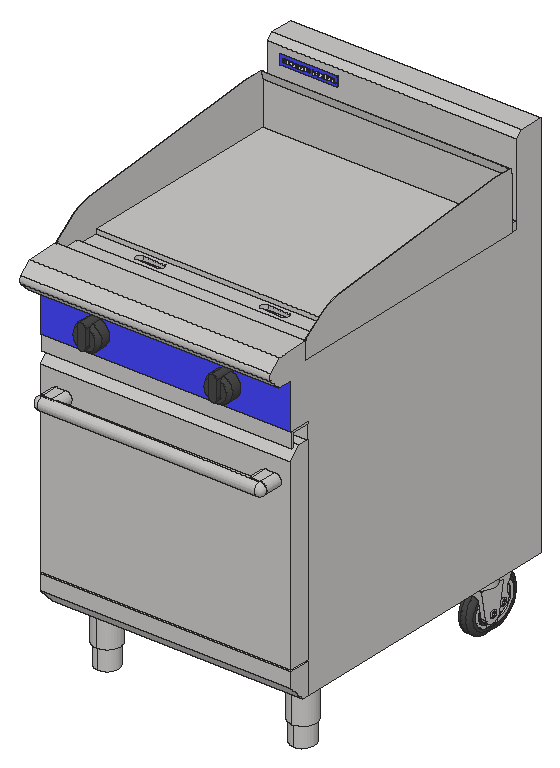
Revit family "QF_MOFFAT_BLUESEAL_CE_G504B", category Specialty Equipment, Revit 2012
Parameters
  Weight in Pounds = 346
  URL Cutsheet = "www.moffat.com"
  URL = "www.moffat.com"
  Type Mark [instance] = ""
  Status [instance] = ""
  Specification by User [instance] = ""
  Specification by Manufacturer = ""
  Show Logo [instance] = yes
  Show Clearance [instance] = yes
  Show Casters [instance] = yes
  Serial Number = ""
  Seismic Rating = ""
  SMACNA No = ""
  Revision Code [instance] = ""
  Omniclass Number and Title = ""
  NAFEM Spec ID Number = ""
  Model = "G504B"
  Mechanical Remarks [instance] = ""
  Mechanical Connection Type [instance] = ""
  Masterspec = ""
  Manufacturer = "MOFFAT BLUESEAL"
  Legs [instance] = not(Show Casters)  # no
  Item Number [instance] = ""
  Installed By [instance] = ""
  Identify Quantity as Lot [instance] = yes
  Gas Size = 3/4"
  Gas RI Height [instance] = 0 mm
  Gas KW = 18.6
  Gas Input [instance] = 63000.0 Btu/h
  Gas Connection Height = 0 mm
  Furnished By [instance] = ""
  Foodservice Equipment Identifier [instance] = yes
  Description = "600MM GAS RANGE WITH STATIC OVEN"
  CSI MasterFormat = ""
  CSI Master Format = ""
Reference planes
  plane 1 "BACK": y = 0
  plane 2: z = 0
  plane 3 "LEFT": x = 0
  plane 4 "RIGHT": x = 600
  plane 5 "FRONT": y = -812
  plane 6 "TOP": z = 970
  plane 7 "Center Y": x = 300
  plane 8 "Center X": y = -406
  plane 9: x = 65
  plane 10: x = 535
  plane 11: y = -100
  plane 12 "Base Height": z = 150
  plane 13: x = 470
  plane 14: z = 1085
Forms (mm)
  Extrusion 1, solid, material "QF_Finishes_Stainless Steel"
    sketch origin (0, 0, 0) x (0, 1, 0) y (0, 0, 1)
      loop
        line (-784.97, 850) -> (-749, 850) -> (-749, 740) -> (-699, 740) -> (-699, 150) -> (0, 150) -> (0, 1085) -> (-57.5, 1085) -> (-70, 1072.5) -> (-70, 875) -> (-705, 875) -> (-705, 915) -> (-783.97, 915) -> (-808.525, 890.445)
        arc (-808.525, 890.445) -> (-812.023, 882) -> (-808.525, 873.555) r 11.943
        line (-808.525, 873.555) -> (-784.97, 850)
    from 0 to 600
  Extrusion 2, solid, material "QF_Finishes_Stainless Steel"
    sketch origin (405.062, 3, 100) x (1, 0, 0) y (0, 1, 0)
      loop
        circle (65, -35) r 13.5
    from 555 to 640
  Revolve 3, solid, material "QF_Finishes_Stainless Steel"
    sketch origin (65, -735, 0) x (0, 1, 0) y (0, 0, 1)
      loop
        line (71.25, 150) -> (71.25, 50) -> (75.5, 50) -> (75.5, 0) -> (103, 0) -> (103, 150) -> (71.25, 150)
      axis (103, 150) -> (103, 0)
    angle from 0 to 360
  Revolve 4, solid, material "QF_Finishes_Stainless Steel"
    sketch origin (535, -735, 0) x (0, 1, 0) y (0, 0, -1)
      loop
        line (71.25, -150) -> (103, -150) -> (103, 0) -> (75.5, 0) -> (75.5, -50) -> (71.25, -50) -> (71.25, -150)
      axis (103, -150) -> (103, 0)
    angle from 0 to 360
  Revolve 5, solid, material "QF_Finishes_Black"
    sketch origin (138.75, 7, 759.75) x (0, -1, 0) y (0, 0, 1)
      loop
        line (789, 69.605) -> (766, 69.605) -> (766, 42.105) -> (756, 42.105) -> (756, 37.105) -> (800, 37.105) -> (800, 63.757) -> (789, 69.605)
      axis (800, 37.105) -> (756, 37.105)
    angle from 0 to 360
  Extrusion 6, solid, material "QF_Finishes_Black"
    sketch origin (0.319, 7, 655.753) x (1, 0, 0) y (0, 0, 1)
      loop
        line (148.431, 129) -> (148.431, 167.997)
        arc (148.431, 167.997) -> (138.431, 177.997) -> (128.431, 167.997) r 10
        line (128.431, 167.997) -> (128.431, 129)
        arc (128.431, 129) -> (138.431, 119) -> (148.431, 129) r 10
    from 759 to 808
  Revolve 7, solid, material "QF_Finishes_Black"
    sketch origin (453.749, 7, 759.623) x (0, 1, 0) y (0, 0, -1)
      loop
        line (-789, -69.5) -> (-766, -69.5) -> (-766, -42) -> (-756, -42) -> (-756, -37) -> (-800, -37) -> (-800, -63.651) -> (-789, -69.5)
      axis (-800, -37) -> (-756, -37)
    angle from 0 to 360
  Extrusion 8, solid, material "QF_Finishes_Black"
    sketch origin (592.019, 7, 759.781) x (-1, 0, 0) y (0, 0, -1)
      loop
        arc (148.269, -24.969) -> (138.269, -14.969) -> (128.269, -24.969) r 10
        line (128.269, -24.969) -> (128.269, -63.969)
        arc (128.269, -63.969) -> (138.269, -73.969) -> (148.269, -63.969) r 10
        line (148.269, -63.969) -> (148.269, -24.969)
    from 759 to 808
  Extrusion 9, solid, material "QF_Door-Drawer Clearances", visible <- "Show Clearance", detail levels coarse
    sketch origin (0, 7, 0) x (0, -1, 0) y (0, 0, 1)
      loop
        line (756, 690.016) -> (756, 227.5) -> (1218.516, 227.5)
        arc (1218.516, 227.5) -> (1083.048, 554.548) -> (756, 690.016) r 462.516
    from 0 to -600
  Extrusion 10, void
    sketch origin (0, 0, 150) x (-1, 0, 0) y (0, -1, 0)
      loop
        line (-531.028, 89.21) -> (-531.028, -28.29) -> (-401.528, -28.29) -> (-401.528, 40.71) -> (-450.028, 89.21) -> (-531.028, 89.21)
    from 72.5 to 590
  Extrusion 11, solid, material "QF_Finishes_Stainless Steel"
    sketch origin (0, -749, 227.5) x (0, 0, 1) y (-1, 0, 0)
      loop
        line (380.625, -38.246) -> (380.625, -58.528)
        arc (380.625, -58.528) -> (395.625, -73.528) -> (410.625, -58.528) r 15
        line (410.625, -58.528) -> (410.625, -38.246)
        arc (410.625, -38.246) -> (395.625, -23.246) -> (380.625, -38.246) r 15
      loop
        arc (380.625, -560.539) -> (395.625, -575.539) -> (410.625, -560.539) r 15
        line (410.625, -560.539) -> (410.625, -540.257)
        arc (410.625, -540.257) -> (395.625, -525.257) -> (380.625, -540.257) r 15
        line (380.625, -540.257) -> (380.625, -560.539)
    from 0 to 44
  Revolve 12, solid, material "QF_Finishes_Stainless Steel"
    sketch origin (0, -793, 0) x (1, 0, 0) y (0, 0, 1)
      loop
        arc (575.539, 623.125) -> (571.146, 633.732) -> (560.539, 638.125) r 15
        line (560.539, 638.125) -> (38.246, 638.125)
        arc (38.246, 638.125) -> (27.64, 633.732) -> (23.246, 623.125) r 15
        line (23.246, 623.125) -> (575.539, 623.125)
      axis (575.539, 623.125) -> (23.246, 623.125)
    angle from 0 to 360
  Extrusion 13, solid, material "QF_Finishes_Stainless Steel"
    sketch origin (0, 9, 0) x (0, 1, 0) y (0, 0, 1)
      loop
        line (-708, 227.5) -> (-708, 700) -> (-734, 700) -> (-758, 676) -> (-758, 227.5) -> (-708, 227.5)
    from 0 to 600
  Extrusion 14, solid, material "QF_Finishes_Stainless Steel"
    sketch origin (0, 9, 0) x (0, 1, 0) y (0, 0, 1)
      loop
        line (-756, 738) -> (-756, 703) -> (-752.98, 703) -> (-752.98, 735) -> (-708, 735) -> (-708, 738) -> (-756, 738)
    from 0 to 600
  Extrusion 15, solid, material "QF_Finishes_Stainless Steel"
    sketch origin (0, 9, 0) x (0, 1, 0) y (0, 0, 1)
      loop
        line (-708, 222.5) -> (-758, 222.5) -> (-758, 186) -> (-722, 150) -> (-708, 150) -> (-708, 222.5)
    from 0 to 600
  Extrusion 16, solid, material "QF_Finishes_Stainless Steel", visible <- "Show Casters"
    sketch origin (71.501, 133.353, -8.783) x (0, 1, 0) y (0, 0, 1)
      loop
        line (-201.603, 118.783) -> (-265.103, 118.783) -> (-252.746, 53.895)
        arc (-252.746, 53.895) -> (-233.353, 38.783) -> (-213.959, 53.895) r 20
        line (-213.959, 53.895) -> (-201.603, 118.783)
    from -35.667 to 22.923
  Revolve 17, solid, material "QF_Finishes_Stainless Steel", visible <- "Show Casters"
    sketch origin (65, -203, 0) x (0, 1, 0) y (0, 0, 1)
      loop
        line (67.25, 150) -> (67.25, 110) -> (103, 110) -> (103, 150) -> (67.25, 150)
      axis (103, 150) -> (103, 110)
    angle from 0 to 360
  Revolve 18, solid, material "QF_Finishes_Stainless Steel", visible <- "Show Casters"
    sketch origin (535, -203, 0) x (0, 1, 0) y (0, 0, -1)
      loop
        line (67.25, -150) -> (103, -150) -> (103, -110) -> (67.25, -110) -> (67.25, -150)
      axis (103, -150) -> (103, -110)
    angle from 0 to 360
  Revolve 19, solid, material "QF_Finishes_Stainless Steel", visible <- "Show Casters"
    sketch origin (485.776, -99.755, -13.653) x (1, 0, 0) y (0, 0, 1)
      loop
        line (14.841, 64.453) -> (83.584, 64.453) -> (83.584, 67.958) -> (82.314, 69.228) -> (80.79, 69.228) -> (80.79, 72.674) -> (68.644, 72.674) -> (68.644, 82.639) -> (65.088, 84.692) -> (63.738, 93.028) -> (65.881, 93.028) -> (65.881, 99.378) -> (65.088, 99.378) -> (65.088, 105.728)
        arc (65.088, 105.728) -> (62.298, 112.463) -> (55.563, 115.253) r 9.525
        line (55.563, 115.253) -> (42.863, 115.253)
        arc (42.863, 115.253) -> (36.127, 112.463) -> (33.338, 105.728) r 9.525
        line (33.338, 105.728) -> (33.338, 99.378) -> (32.544, 99.378) -> (32.544, 93.028) -> (34.687, 93.028) -> (33.352, 84.781) -> (29.782, 82.719) -> (29.782, 72.674) -> (17.635, 72.674) -> (17.635, 69.228) -> (16.111, 69.228) -> (14.841, 67.958) -> (14.841, 64.453)
      axis (14.841, 64.453) -> (83.584, 64.453)
    angle from 0 to 360
  Extrusion 20, solid, material "QF_Finishes_Stainless Steel", visible <- "Show Casters"
    sketch origin (541.501, 133.353, -8.783) x (0, 1, 0) y (0, 0, 1)
      loop
        line (-201.603, 118.783) -> (-265.103, 118.783) -> (-252.746, 53.895)
        arc (-252.746, 53.895) -> (-233.353, 38.783) -> (-213.959, 53.895) r 20
        line (-213.959, 53.895) -> (-201.603, 118.783)
    from -35.667 to 22.923
  Revolve 21, solid, material "QF_Finishes_Stainless Steel", visible <- "Legs"
    sketch origin (65, -165, 0) x (0, 1, 0) y (0, 0, 1)
      loop
        line (33.25, 150) -> (33.25, 50) -> (37.5, 50) -> (37.5, 0) -> (65, 0) -> (65, 150) -> (33.25, 150)
      axis (65, 150) -> (65, 0)
    angle from 0 to 360
  Revolve 22, solid, material "QF_Finishes_Stainless Steel", visible <- "Legs"
    sketch origin (535, -165, 0) x (0, 1, 0) y (0, 0, -1)
      loop
        line (33.25, -150) -> (65, -150) -> (65, 0) -> (37.5, 0) -> (37.5, -50) -> (33.25, -50) -> (33.25, -150)
      axis (65, -150) -> (65, 0)
    angle from 0 to 360
  Revolve 23, solid, material "QF_Finishes_Stainless Steel", visible <- "Show Casters"
    sketch origin (114.224, -99.755, -13.653) x (-1, 0, 0) y (0, 0, -1)
      loop
        line (14.841, -64.453) -> (14.841, -67.958) -> (16.111, -69.228) -> (17.635, -69.228) -> (17.635, -72.674) -> (29.782, -72.674) -> (29.782, -82.719) -> (33.352, -84.781) -> (34.687, -93.028) -> (32.544, -93.028) -> (32.544, -99.378) -> (33.338, -99.378) -> (33.338, -105.728)
        arc (33.338, -105.728) -> (36.127, -112.463) -> (42.863, -115.253) r 9.525
        line (42.863, -115.253) -> (55.563, -115.253)
        arc (55.563, -115.253) -> (62.298, -112.463) -> (65.088, -105.728) r 9.525
        line (65.088, -105.728) -> (65.088, -99.378) -> (65.881, -99.378) -> (65.881, -93.028) -> (63.738, -93.028) -> (65.088, -84.692) -> (68.644, -82.639) -> (68.644, -72.674) -> (80.79, -72.674) -> (80.79, -69.228) -> (82.314, -69.228) -> (83.584, -67.958) -> (83.584, -64.453) -> (14.841, -64.453)
      axis (14.841, -64.453) -> (83.584, -64.453)
    angle from 0 to 360
Cuts and joins
  Extrusion 10 cuts Extrusion 1
Lines and regions (mm)
  Split face 1
    outline origin (600, 0, 1085) x (-1, 0, 0) y (0, -1, 0)
      loop
        arc (335.206, 45.385) -> (326.545, 40.385) -> (326.545, 30.385) r 10
        line (326.545, 30.385) -> (330.587, 23.385)
        arc (330.587, 23.385) -> (334.247, 19.725) -> (339.247, 18.385) r 10
        line (339.247, 18.385) -> (567.206, 18.385)
        arc (567.206, 18.385) -> (575.866, 23.385) -> (575.866, 33.385) r 10
        line (575.866, 33.385) -> (571.824, 40.385)
        arc (571.824, 40.385) -> (568.164, 44.045) -> (563.164, 45.385) r 10
        line (563.164, 45.385) -> (335.206, 45.385)
  Split face 2
    outline origin (600, 0, 1085) x (-1, 0, 0) y (0, -1, 0)
      loop
        arc (35.206, 45.385) -> (26.545, 40.385) -> (26.545, 30.385) r 10
        line (26.545, 30.385) -> (30.587, 23.385)
        arc (30.587, 23.385) -> (34.247, 19.725) -> (39.247, 18.385) r 10
        line (39.247, 18.385) -> (267.206, 18.385)
        arc (267.206, 18.385) -> (275.866, 23.385) -> (275.866, 33.385) r 10
        line (275.866, 33.385) -> (271.824, 40.385)
        arc (271.824, 40.385) -> (268.164, 44.045) -> (263.164, 45.385) r 10
        line (263.164, 45.385) -> (35.206, 45.385)
  symbolic lines
    curve 1: line (0, 0, 0) -> (0, -812, 0)
    curve 2: line (600, 0, 0) -> (0, 0, 0)
    curve 3: line (600, -812, 0) -> (600, 0, 0)
    curve 4: line (0, -812, 0) -> (600, -812, 0)
    curve 5: line (600, -705, 0) -> (0, -705, 0)
    curve 6: line (0, -70, 0) -> (600, -70, 0)
    curve 7: line (0, 0, 0) -> (0, -812, 0)
    curve 8: line (600, 0, 0) -> (0, 0, 0)
    curve 9: line (600, -812, 0) -> (600, 0, 0)
    curve 13: line (32.794, -18.385, 150) -> (260.753, -18.385, 150)
    curve 14: arc (260.753, -18.385, 150) -> (265.753, -19.725, 150) -> (269.413, -23.385, 150) r 10
    curve 15: line (269.413, -23.385, 150) -> (273.455, -30.385, 150)
    curve 16: arc (273.455, -30.385, 150) -> (273.455, -40.385, 150) -> (264.794, -45.385, 150) r 10
    curve 17: line (264.794, -45.385, 150) -> (36.836, -45.385, 150)
    curve 18: arc (36.836, -45.385, 150) -> (31.836, -44.045, 150) -> (28.176, -40.385, 150) r 10
    curve 19: line (28.176, -40.385, 150) -> (24.134, -33.385, 150)
    curve 20: arc (24.134, -33.385, 150) -> (24.134, -23.385, 150) -> (32.794, -18.385, 150) r 10
    curve 21: line (560.753, -18.385, 150) -> (332.794, -18.385, 150)
    curve 22: arc (332.794, -18.385, 150) -> (324.134, -23.385, 150) -> (324.134, -33.385, 150) r 10
    curve 23: line (324.134, -33.385, 150) -> (328.176, -40.385, 150)
    curve 24: arc (328.176, -40.385, 150) -> (331.836, -44.045, 150) -> (336.836, -45.385, 150) r 10
    curve 25: line (336.836, -45.385, 150) -> (564.794, -45.385, 150)
    curve 26: arc (564.794, -45.385, 150) -> (573.455, -40.385, 150) -> (573.455, -30.385, 150) r 10
    curve 27: line (573.455, -30.385, 150) -> (569.413, -23.385, 150)
    curve 28: arc (569.413, -23.385, 150) -> (565.753, -19.725, 150) -> (560.753, -18.385, 150) r 10
    curve 29: line (0, -57.5, 150) -> (600, -57.5, 150)
    curve 30: line (0, -783.97, 150) -> (600, -783.97, 150)
  symbolic lines, style "QF_Door-Drawer Clearances", visible <- "Show Clearance"
    curve 10: line (0, -812, 0) -> (0, -1211.516, 0)
    curve 11: line (0, -1211.516, 0) -> (600, -1211.516, 0)
    curve 12: line (600, -1211.516, 0) -> (600, -812, 0)
Dimensions and locks
  equal spacing: plane 3 "LEFT", plane 7 "Center Y", plane 4 "RIGHT"
  plane 3 "LEFT" to plane 4 "RIGHT" = 600 mm
  equal spacing: plane 5 "FRONT", plane 8 "Center X", plane 1 "BACK"
  plane 5 "FRONT" to plane 1 "BACK" = 812 mm  (x2)
  equal spacing: plane 4 "RIGHT", plane 7 "Center Y", plane 3 "LEFT"
  plane 4 "RIGHT" to plane 3 "LEFT" = 600 mm
  plane 6 "TOP" to level = 970 mm  (x2)
  Extrusion 2 to level = 655 mm
  Extrusion 2 to plane 1 "BACK" = 32 mm
  Extrusion 1 to level = 915 mm
  plane 12 "Base Height" to level = 150 mm
  plane 6 "TOP" to plane 2 = 970 mm
  locked: plane 2 to Extrusion 1 sketch curve at 875
  locked: plane 2 to Extrusion 1 sketch curve at 915
  Revolve 19 sketch curve to Revolve 19 sketch curve = 50.8 mm
  Revolve 23 sketch curve to Revolve 23 sketch curve = 50.8 mm
  plane 14 to level = 1085 mm
  aligned and locked: level to plane 2
  aligned and locked: curve 3 to plane 4 "RIGHT"
Automatic sketch dimensions
  plane 13 to Extrusion 2 sketch curve = 0.062 mm
  plane 1 "BACK" to Extrusion 2 sketch curve = 32 mm
  Revolve 3 sketch curve to plane 12 "Base Height" = 0 mm
  Revolve 3 sketch curve to level = 0 mm
  level to Revolve 3 sketch curve = 50 mm
  Revolve 3 sketch curve to plane 5 "FRONT" = 148.25 mm
  Revolve 3 sketch curve to Revolve 3 sketch curve = 4.25 mm
  Revolve 3 sketch curve to Revolve 3 sketch curve = 27.5 mm  (x2)
  Revolve 3 sketch curve to Revolve 3 sketch curve = 55 mm
  Revolve 3 sketch curve to Revolve 3 sketch curve = 0 mm
  Revolve 4 sketch curve to plane 12 "Base Height" = 0 mm
  Revolve 4 sketch curve to level = 0 mm
  level to Revolve 4 sketch curve = 50 mm
  Revolve 4 sketch curve to plane 5 "FRONT" = 148.25 mm
  Revolve 4 sketch curve to Revolve 4 sketch curve = 4.25 mm
  Revolve 4 sketch curve to Revolve 4 sketch curve = 27.5 mm  (x2)
  Revolve 4 sketch curve to Revolve 4 sketch curve = 0 mm
  Revolve 4 sketch curve to Revolve 4 sketch curve = 55 mm
  Revolve 5 sketch curve to plane 5 "FRONT" = 63 mm
  Revolve 5 sketch curve to Revolve 5 sketch curve = 10 mm
  Revolve 5 sketch curve to Revolve 5 sketch curve = 21.3 mm
  Revolve 5 sketch curve to Revolve 5 sketch curve = 23 mm
  Revolve 5 sketch curve to plane 5 "FRONT" = 19 mm
  Revolve 5 sketch curve to Revolve 5 sketch curve = 0 mm  (x2)
  Revolve 5 sketch curve to plane 6 "TOP" = 173.145 mm
  Revolve 5 sketch curve to Revolve 5 sketch curve = 5 mm
  Revolve 5 sketch curve to Revolve 5 sketch curve = 26.651 mm
  Revolve 5 sketch curve to Revolve 5 sketch curve = 5.849 mm
  Extrusion 6 sketch curve to plane 7 "Center Y" = 171.25 mm
  Extrusion 6 sketch curve to Extrusion 6 sketch curve = 10 mm
  Extrusion 6 sketch curve to plane 6 "TOP" = 185.247 mm
  Extrusion 6 sketch curve to Extrusion 6 sketch curve = 38.997 mm
  Revolve 7 sketch curve to plane 5 "FRONT" = 19 mm
  Revolve 7 sketch curve to Revolve 7 sketch curve = 0 mm  (x2)
  Revolve 7 sketch curve to Revolve 7 sketch curve = 11 mm
  Revolve 7 sketch curve to Revolve 7 sketch curve = 12.7 mm
  Revolve 7 sketch curve to Revolve 7 sketch curve = 23 mm
  Revolve 7 sketch curve to Revolve 7 sketch curve = 10 mm
  Revolve 7 sketch curve to plane 6 "TOP" = 140.877 mm
  Revolve 7 sketch curve to Revolve 7 sketch curve = 5.849 mm
  Revolve 7 sketch curve to Revolve 7 sketch curve = 27.5 mm
  Revolve 7 sketch curve to Revolve 7 sketch curve = 5 mm
  Extrusion 8 sketch curve to plane 13 = 6.25 mm
  Extrusion 8 sketch curve to Extrusion 8 sketch curve = 10 mm
  Extrusion 8 sketch curve to plane 6 "TOP" = 146.25 mm
  Extrusion 8 sketch curve to Extrusion 8 sketch curve = 39 mm
  Extrusion 9 sketch curve to plane 5 "FRONT" = 63 mm
  plane 12 "Base Height" to Extrusion 9 sketch curve = 77.5 mm
  plane 5 "FRONT" to Extrusion 9 sketch curve = 399.516 mm
  plane 10 to Extrusion 10 sketch curve = 3.972 mm
  Extrusion 10 sketch curve to plane 13 = 19.972 mm
  Extrusion 10 sketch curve to plane 13 = 68.472 mm
  Extrusion 10 sketch curve to plane 1 "BACK" = 28.29 mm
  plane 1 "BACK" to Extrusion 10 sketch curve = 40.71 mm
  plane 11 to Extrusion 10 sketch curve = 10.79 mm
  Extrusion 11 sketch curve to plane 9 = 6.472 mm
  Extrusion 11 sketch curve to plane 6 "TOP" = 361.875 mm  (x2)
  Extrusion 11 sketch curve to plane 10 = 5.257 mm
  Extrusion 11 sketch curve to Extrusion 11 sketch curve = 15 mm  (x2)
  Extrusion 11 sketch curve to Extrusion 11 sketch curve = 20.282 mm  (x2)
  Revolve 12 sketch curve to plane 3 "LEFT" = 6.961 mm
  plane 3 "LEFT" to Revolve 12 sketch curve = 23.246 mm
  Revolve 12 sketch curve to Revolve 12 sketch curve = 15 mm
  Revolve 12 sketch curve to plane 10 = 25.539 mm
  plane 4 "RIGHT" to Revolve 12 sketch curve = 11.961 mm
  Revolve 12 sketch curve to plane 6 "TOP" = 346.875 mm
  Revolve 12 sketch curve to Revolve 12 sketch curve = 0 mm
  Extrusion 14 sketch curve to plane 5 "FRONT" = 65 mm
  Extrusion 14 sketch curve to Extrusion 14 sketch curve = 3.02 mm
  Extrusion 14 sketch curve to Extrusion 14 sketch curve = 44.98 mm
  Extrusion 14 sketch curve to plane 6 "TOP" = 267 mm
  Extrusion 14 sketch curve to Extrusion 14 sketch curve = 32 mm
  Extrusion 14 sketch curve to Extrusion 14 sketch curve = 3 mm
  Extrusion 15 sketch curve to plane 12 "Base Height" = 0 mm
  Extrusion 15 sketch curve to plane 5 "FRONT" = 63 mm
  plane 12 "Base Height" to Extrusion 13 sketch curve = 77.5 mm
  Extrusion 16 sketch curve to plane 11 = 0 mm
  Extrusion 16 sketch curve to plane 11 = 19.393 mm
  Extrusion 16 sketch curve to plane 11 = 31.75 mm
  plane 11 to Extrusion 16 sketch curve = 19.393 mm
  plane 11 to Extrusion 16 sketch curve = 31.75 mm
  level to Extrusion 16 sketch curve = 45.111 mm
  Extrusion 16 sketch curve to Extrusion 16 sketch curve = 4.889 mm
  Extrusion 16 sketch curve to plane 12 "Base Height" = 40 mm
  Revolve 17 sketch curve to plane 12 "Base Height" = 0 mm
  Revolve 17 sketch curve to plane 11 = 0 mm  (x2)
  Revolve 17 sketch curve to Revolve 17 sketch curve = 35.75 mm
  Revolve 17 sketch curve to plane 12 "Base Height" = 40 mm
  level to Revolve 17 sketch curve = 50 mm
  Revolve 17 sketch curve to level = 55 mm
  Revolve 18 sketch curve to plane 12 "Base Height" = 0 mm
  Revolve 18 sketch curve to plane 11 = 0 mm  (x2)
  Revolve 18 sketch curve to plane 11 = 35.75 mm
  Revolve 18 sketch curve to plane 12 "Base Height" = 40 mm
  level to Revolve 18 sketch curve = 50 mm
  Revolve 18 sketch curve to level = 55 mm
  level to Revolve 19 sketch curve = 50.8 mm
  plane 4 "RIGHT" to Revolve 19 sketch curve = 99.382 mm
  Revolve 19 sketch curve to Revolve 19 sketch curve = 1.27 mm  (x4)
  Revolve 19 sketch curve to Revolve 19 sketch curve = 1.524 mm  (x2)
  Revolve 19 sketch curve to Revolve 19 sketch curve = 12.146 mm  (x2)
  Revolve 19 sketch curve to Revolve 19 sketch curve = 2.762 mm
  Revolve 19 sketch curve to Revolve 19 sketch curve = 0.794 mm  (x2)
  level to Revolve 19 sketch curve = 71.128 mm
  Revolve 19 sketch curve to Revolve 19 sketch curve = 3.57 mm
  Revolve 19 sketch curve to plane 12 "Base Height" = 70.625 mm  (x2)
  Revolve 19 sketch curve to Revolve 19 sketch curve = 2.143 mm
  Revolve 19 sketch curve to Revolve 19 sketch curve = 9.525 mm
  Revolve 19 sketch curve to Revolve 19 sketch curve = 24.572 mm
  Revolve 19 sketch curve to Revolve 19 sketch curve = 12.7 mm
  Revolve 19 sketch curve to Revolve 19 sketch curve = 8.176 mm
  Revolve 19 sketch curve to Revolve 19 sketch curve = 1.349 mm  (x2)
  level to Revolve 19 sketch curve = 71.039 mm
  Revolve 19 sketch curve to Revolve 19 sketch curve = 3.556 mm
  level to Revolve 19 sketch curve = 55.575 mm
  Revolve 19 sketch curve to Revolve 19 sketch curve = 33.32 mm
  Revolve 19 sketch curve to Revolve 19 sketch curve = 20.239 mm
  Revolve 19 sketch curve to Revolve 19 sketch curve = 3.505 mm
  Revolve 19 sketch curve to Revolve 19 sketch curve = 3.447 mm  (x2)
  Revolve 19 sketch curve to Revolve 19 sketch curve = 2.053 mm
  Revolve 19 sketch curve to Revolve 19 sketch curve = 2.061 mm
  Revolve 19 sketch curve to Revolve 19 sketch curve = 6.35 mm  (x2)
  Extrusion 20 sketch curve to plane 11 = 0 mm
  Extrusion 20 sketch curve to plane 11 = 19.393 mm
  Extrusion 20 sketch curve to plane 11 = 31.75 mm
  plane 11 to Extrusion 20 sketch curve = 19.393 mm
  plane 11 to Extrusion 20 sketch curve = 31.75 mm
  level to Extrusion 20 sketch curve = 45.111 mm
  Extrusion 20 sketch curve to Extrusion 20 sketch curve = 4.889 mm
  Extrusion 20 sketch curve to plane 12 "Base Height" = 40 mm
  Revolve 21 sketch curve to plane 12 "Base Height" = 0 mm
  Revolve 21 sketch curve to level = 0 mm
  Revolve 21 sketch curve to plane 11 = 0 mm  (x2)
  Revolve 21 sketch curve to Revolve 21 sketch curve = 27.5 mm
  Revolve 21 sketch curve to Revolve 21 sketch curve = 31.75 mm
  Revolve 21 sketch curve to level = 55 mm
  Revolve 21 sketch curve to Revolve 21 sketch curve = 50 mm
  Revolve 21 sketch curve to Revolve 21 sketch curve = 0 mm
  Revolve 22 sketch curve to plane 12 "Base Height" = 0 mm
  Revolve 22 sketch curve to level = 0 mm
  Revolve 22 sketch curve to plane 11 = 0 mm  (x2)
  Revolve 22 sketch curve to Revolve 22 sketch curve = 27.5 mm
  Revolve 22 sketch curve to Revolve 22 sketch curve = 31.75 mm
  level to Revolve 22 sketch curve = 50 mm
  Revolve 22 sketch curve to Revolve 22 sketch curve = 0 mm
  Revolve 22 sketch curve to Revolve 22 sketch curve = 55 mm
  plane 9 to Revolve 23 sketch curve = 34.382 mm
  Revolve 23 sketch curve to Revolve 23 sketch curve = 1.27 mm  (x4)
  Revolve 23 sketch curve to Revolve 23 sketch curve = 1.524 mm  (x2)
  Revolve 23 sketch curve to Revolve 23 sketch curve = 12.146 mm  (x2)
  plane 9 to Revolve 23 sketch curve = 16.68 mm
  Revolve 23 sketch curve to Revolve 23 sketch curve = 0.794 mm  (x2)
  Revolve 23 sketch curve to Revolve 23 sketch curve = 3.57 mm
  Revolve 23 sketch curve to Revolve 23 sketch curve = 2.143 mm
  plane 9 to Revolve 23 sketch curve = 6.361 mm
  Revolve 23 sketch curve to plane 9 = 5.13 mm
  Revolve 23 sketch curve to plane 9 = 6.339 mm
  Revolve 23 sketch curve to plane 9 = 14.515 mm
  Revolve 23 sketch curve to Revolve 23 sketch curve = 1.349 mm  (x2)
  Revolve 23 sketch curve to Revolve 23 sketch curve = 3.556 mm
  Revolve 23 sketch curve to plane 3 "LEFT" = 2.68 mm
  Revolve 23 sketch curve to plane 12 "Base Height" = 48.4 mm
  Revolve 23 sketch curve to Revolve 23 sketch curve = 6.35 mm  (x4)
  Revolve 23 sketch curve to Revolve 23 sketch curve = 8.247 mm
  Revolve 23 sketch curve to Revolve 23 sketch curve = 8.336 mm
  Revolve 23 sketch curve to Revolve 23 sketch curve = 2.061 mm
  Revolve 23 sketch curve to Revolve 23 sketch curve = 2.053 mm
  Revolve 23 sketch curve to Revolve 23 sketch curve = 10.045 mm
  Revolve 23 sketch curve to Revolve 23 sketch curve = 9.964 mm
  Revolve 23 sketch curve to Revolve 23 sketch curve = 3.447 mm  (x2)
  Revolve 23 sketch curve to Revolve 23 sketch curve = 3.505 mm
  Extrusion 1 sketch curve to plane 5 "FRONT" = 27.03 mm
  Extrusion 1 sketch curve to plane 12 "Base Height" = 0 mm
  Extrusion 1 sketch curve to plane 14 = 0 mm
  Extrusion 1 sketch curve to plane 1 "BACK" = 0 mm
  Extrusion 1 sketch curve to plane 5 "FRONT" = 3.475 mm  (x2)
  Extrusion 1 sketch curve to plane 5 "FRONT" = 11.921 mm
  Extrusion 1 sketch curve to plane 5 "FRONT" = 28.03 mm
  Extrusion 1 sketch curve to plane 5 "FRONT" = 63 mm
  Extrusion 1 sketch curve to Extrusion 1 sketch curve = 44 mm
  Extrusion 1 sketch curve to plane 5 "FRONT" = 113 mm
  plane 11 to Extrusion 1 sketch curve = 30 mm
  Extrusion 1 sketch curve to Extrusion 1 sketch curve = 12.5 mm
  Extrusion 1 sketch curve to Extrusion 1 sketch curve = 135 mm
  Extrusion 1 sketch curve to Extrusion 1 sketch curve = 25 mm
  Extrusion 1 sketch curve to Extrusion 1 sketch curve = 23.555 mm
  Extrusion 1 sketch curve to Extrusion 1 sketch curve = 8.445 mm
  Extrusion 1 sketch curve to plane 14 = 12.5 mm
  Extrusion 15 sketch curve to Extrusion 15 sketch curve = 36 mm
  Extrusion 15 sketch curve to Extrusion 15 sketch curve = 50 mm
  plane 12 "Base Height" to Extrusion 15 sketch curve = 36 mm
  Extrusion 15 sketch curve to Extrusion 15 sketch curve = 36.5 mm
  Extrusion 13 sketch curve to plane 5 "FRONT" = 63 mm
  Extrusion 13 sketch curve to Extrusion 13 sketch curve = 24 mm  (x2)
  Extrusion 13 sketch curve to Extrusion 13 sketch curve = 26 mm
  Extrusion 13 sketch curve to plane 6 "TOP" = 294 mm
  Split face 1 sketch curve to cut or joined group of Extrusion 1, Extrusion 10 = 27.115 mm
  Split face 1 sketch curve to cut or joined group of Extrusion 1, Extrusion 10 = 326.545 mm
  Split face 1 sketch curve to cut or joined group of Extrusion 1, Extrusion 10 = 23.385 mm
  Split face 1 sketch curve to Split face 1 sketch curve = 4.041 mm  (x4)
  Split face 1 sketch curve to Split face 1 sketch curve = 8.66 mm  (x2)
  Split face 1 sketch curve to cut or joined group of Extrusion 1, Extrusion 10 = 22.115 mm
  Split face 1 sketch curve to Split face 1 sketch curve = 223.917 mm
  Split face 1 sketch curve to cut or joined group of Extrusion 1, Extrusion 10 = 17.115 mm
  Split face 1 sketch curve to Split face 1 sketch curve = 17 mm
  Split face 1 sketch curve to Split face 1 sketch curve = 7 mm
  Split face 2 sketch curve to cut or joined group of Extrusion 1, Extrusion 10 = 27.115 mm
  Split face 2 sketch curve to cut or joined group of Extrusion 1, Extrusion 10 = 26.545 mm
  Split face 2 sketch curve to cut or joined group of Extrusion 1, Extrusion 10 = 23.385 mm
  Split face 2 sketch curve to Split face 2 sketch curve = 4.041 mm  (x4)
  Split face 2 sketch curve to Split face 2 sketch curve = 8.66 mm  (x2)
  Split face 2 sketch curve to cut or joined group of Extrusion 1, Extrusion 10 = 22.115 mm
  Split face 2 sketch curve to Split face 2 sketch curve = 223.917 mm
  Split face 2 sketch curve to cut or joined group of Extrusion 1, Extrusion 10 = 17.115 mm
  Split face 2 sketch curve to Split face 2 sketch curve = 17 mm
  Split face 2 sketch curve to Split face 2 sketch curve = 7 mm
  curve 15 to plane 7 "Center Y" = 26.545 mm
  curve 15 to curve 15 = 4.041 mm
  curve 15 to curve 16 = 8.66 mm
  curve 16 to curve 14 = 4.041 mm
  curve 17 to plane 9 = 28.164 mm
  curve 18 to curve 13 = 4.041 mm
  curve 17 to curve 18 = 8.66 mm
  curve 19 to curve 20 = 4.041 mm
  plane 1 "BACK" to curve 17 = 45.385 mm
  curve 19 to curve 17 = 5 mm
  curve 16 to curve 17 = 10 mm
  curve 20 to curve 19 = 7 mm
  curve 20 to curve 18 = 7 mm
  curve 14 to curve 16 = 7 mm
  curve 21 to plane 10 = 25.753 mm
  curve 25 to curve 28 = 4.041 mm
  curve 28 to curve 28 = 8.66 mm
  curve 26 to curve 28 = 4.041 mm
  plane 7 "Center Y" to curve 25 = 36.836 mm
  curve 24 to curve 21 = 4.041 mm
  curve 25 to curve 24 = 8.66 mm
  curve 23 to curve 23 = 4.041 mm
  plane 1 "BACK" to curve 28 = 18.385 mm
  curve 28 to curve 28 = 5 mm
  curve 21 to curve 22 = 10 mm
  curve 28 to curve 27 = 7 mm
  curve 28 to curve 26 = 7 mm
  curve 22 to curve 24 = 7 mm
  plane 1 "BACK" to curve 1 = 0 mm
  curve 1 to plane 3 "LEFT" = 0 mm
  plane 5 "FRONT" to curve 10 = 0 mm
  curve 11 to curve 3 = 399.516 mm
  plane 11 to curve 6 = 30 mm
  curve 5 to plane 5 "FRONT" = 107 mm
  radius of Extrusion 2 sketch curve = 13.5 mm
Nested families
  nested 1: "RNL8400G-CB-CASTERS" at (65, -100, 0), Show Casters <- "Show Casters", visible <- "Show Casters", type "RNL8400G-CB-CASTERS"
    with Type Mark "", Status "", Specification by User "", Show Casters yes, Revision Code "", Item Number "", Installed By "", Identify Quantity as Lot yes, Furnished By "", Foodservice Equipment Identifier yes
  nested 2: "RNL8400G-CB-CASTERS" at (535, -100, 0), Show Casters <- "Show Casters", visible <- "Show Casters", type "RNL8400G-CB-CASTERS"
    with Type Mark "", Status "", Specification by User "", Show Casters yes, Revision Code "", Item Number "", Installed By "", Identify Quantity as Lot yes, Furnished By "", Foodservice Equipment Identifier yes
  nested 3: "WALDORF LOGO_FACE BASE" at (32, -70, 1055.359) x (1, 0, 0) z (0, -1, 0), visible <- "Show Logo", type "WALDORF LOGO_FACE BASE", detail levels medium+fine
    with Show Logo yes
  nested 4: "GAS GRIDDLE PLATE 600" at (0, -85, 874.5), type "GAS GRIDDLE PLATE 600"
    with Width 600 mm, Type Mark "", Status "", Specification by User "", Revision Code "", Item Number "", Installed By "", Identify Quantity as Lot yes, Furnished By "", Foodservice Equipment Identifier yes, Depth 620 mm
Connectors
  piping at (470.063, -32, 655)
    settings: on Extrusion 2, index 1, connector radius 0.37402", flow factor 0, pipe flow 0 GPM, pressure drop 0.00 psi, fitting loss kfactor 0, connector angle 0.00°, fixture units 0, engagement length 0 mm, flow configuration 1, flow direction 1, fitting loss method 0, system type 7, joint type 0, gender type 0, connector reference index -1, connector utility 0, adjustable connector no, is connector primary yes, fitting loss table "", connector description "GAS CONNECTION"
Definition of nested family "RNL8400G-CB-CASTERS"
  Parameters (values of type "BTL8450-CB-CASTERS")
    Weight = ""
    URL Manufacturer = ""
    URL Cutsheet = ""
    URL = ""
    Type Mark [instance] = ""
    Status [instance] = ""
    Specification by User [instance] = ""
    Specification by Manufacturer = ""
    Show Casters [instance] = no
    Serial Number = ""
    Seismic Rating = ""
    SMACNA No = ""
    Revision Code [instance] = ""
    Omniclass Number and Title = ""
    NAFEM Spec ID Number = ""
    Model = ""
    MasterSpec. = ""
    Manufacturer = ""
    Item Number [instance] = ""
    Installed By [instance] = ""
    Identify Quantity as Lot [instance] = yes
    Furnished By [instance] = ""
    Foodservice Equipment Identifier [instance] = yes
    Description = ""
    CSI MasterFormat = ""
    CSI Master Format = ""
    Assembly Code = ""
  Reference planes
    plane 1: z = 0
    plane 2 "RIGHT": x = 0
    plane 3 "FRONT": y = 0
    plane 4 "TOP": z = 177.8
  Forms (mm)
    Revolve 1, solid, material "QF_Finishes_Stainless Steel", visible <- "Show Casters"
      sketch origin (0, 56.335, 0) x (0, 1, 0) y (0, 0, 1)
        loop
          line (-56.335, 152.4) -> (-56.335, 141.118) -> (-23.798, 141.118) -> (-23.798, 152.4) -> (-56.335, 152.4)
        axis (-56.335, 141.118) -> (-56.335, 152.4)
      angle from 0 to 360
    Extrusion 2, solid, material "QF_Finishes_Stainless Steel", visible <- "Show Casters"
      sketch origin (-46.049, 56.335, 0) x (0, 1, 0) y (0, 0, 1)
        loop
          line (-85.799, 141.118) -> (-85.799, 133.498) -> (-82.136, 133.498)
          arc (-82.136, 133.498) -> (-79.344, 132.328) -> (-77.146, 130.248) r 8.432
          line (-77.146, 130.248) -> (-39.502, 49.52)
          arc (-39.502, 49.52) -> (-13.784, 46.107) -> (-5.673, 70.75) r 20.32
          arc (-5.673, 70.75) -> (-7.065, 73.611) -> (-8.887, 76.22) r 20.32
          arc (-8.887, 76.22) -> (-9.399, 85.377) -> (-6.626, 94.119) r 25.4
          line (-6.626, 94.119) -> (8.003, 121.632)
          arc (8.003, 121.632) -> (-2.347, 126.31) -> (-13.34, 129.167) r 66.802
          line (-13.34, 129.167) -> (-13.765, 133.498) -> (-26.871, 133.498) -> (-26.871, 141.118) -> (-85.799, 141.118)
      from 20.058 to 22.923
    Extrusion 3, solid, material "QF_Finishes_Stainless Steel", visible <- "Show Casters"
      sketch origin (3.326, 56.335, 0) x (0, 1, 0) y (0, 0, 1)
        loop
          line (-85.799, 141.118) -> (-85.799, 133.498) -> (-82.136, 133.498)
          arc (-82.136, 133.498) -> (-79.344, 132.328) -> (-77.146, 130.248) r 8.432
          line (-77.146, 130.248) -> (-39.502, 49.52)
          arc (-39.502, 49.52) -> (-13.784, 46.107) -> (-5.673, 70.75) r 20.32
          arc (-5.673, 70.75) -> (-7.065, 73.611) -> (-8.887, 76.22) r 20.32
          arc (-8.887, 76.22) -> (-9.399, 85.377) -> (-6.626, 94.119) r 25.4
          line (-6.626, 94.119) -> (8.003, 121.632)
          arc (8.003, 121.632) -> (-2.347, 126.31) -> (-13.34, 129.167) r 66.802
          line (-13.34, 129.167) -> (-13.765, 133.498) -> (-26.871, 133.498) -> (-26.871, 141.118) -> (-85.799, 141.118)
      from 20.058 to 22.923
    Extrusion 4, solid, material "QF_Finishes_Stainless Steel", visible <- "Show Casters"
      sketch origin (-49.224, 56.335, 0) x (0, 1, 0) y (0, 0, 1)
        loop
          line (-85.799, 141.118) -> (-85.799, 133.498) -> (-82.136, 133.498) -> (-18.877, 127.964) -> (7.14, 120.01) -> (8.003, 121.632)
          arc (8.003, 121.632) -> (-2.347, 126.31) -> (-13.34, 129.167) r 66.802
          line (-13.34, 129.167) -> (-13.765, 133.498) -> (-26.871, 133.498) -> (-26.871, 141.118) -> (-85.799, 141.118)
      from 26.098 to 72.56
    Revolve 5, solid, material "QF_Finishes_Stainless Steel", visible <- "Show Casters"
      sketch origin (-49.224, 30.821, 0) x (1, 0, 0) y (0, 0, 1)
        loop
          line (14.841, 63.604) -> (83.584, 63.604) -> (83.584, 67.109) -> (82.314, 68.379) -> (80.79, 68.379) -> (80.79, 71.826) -> (68.644, 71.826) -> (68.644, 81.79) -> (65.088, 83.843) -> (61.683, 104.879) -> (65.881, 104.879) -> (65.881, 111.229) -> (65.088, 111.229) -> (65.088, 117.579)
          arc (65.088, 117.579) -> (62.298, 124.314) -> (55.563, 127.104) r 9.525
          line (55.563, 127.104) -> (42.863, 127.104)
          arc (42.863, 127.104) -> (36.127, 124.314) -> (33.338, 117.579) r 9.525
          line (33.338, 117.579) -> (33.338, 111.229) -> (32.544, 111.229) -> (32.544, 104.879) -> (36.742, 104.879) -> (33.352, 83.932) -> (29.782, 81.871) -> (29.782, 71.826) -> (17.635, 71.826) -> (17.635, 68.379) -> (16.111, 68.379) -> (14.841, 67.109) -> (14.841, 63.604)
        axis (14.841, 63.604) -> (83.584, 63.604)
      angle from 0 to 360
  Cuts and joins
    joined: Extrusion 2, Extrusion 3, Extrusion 4
  Lines and regions (mm)
    symbolic lines, style "SpecialityEquipmentHiddenLines", visible <- "Show Casters"
      curve 1: line (18.009, 67.053, 0) -> (45.595, 51.127, 0)
      curve 2: line (-45.491, -42.932, 0) -> (18.009, 67.053, 0)
      curve 3: line (-17.905, -58.859, 0) -> (-45.491, -42.932, 0)
      curve 4: line (45.595, 51.127, 0) -> (-17.905, -58.859, 0)
  Dimensions and locks
    plane 4 "TOP" to level = 177.8 mm  (x2)
    Revolve 5 sketch curve to Revolve 5 sketch curve = 63.5 mm
    aligned and locked: level to plane 1
Definition of nested family "WALDORF LOGO_FACE BASE"
  Parameters (values of type "WALDORF LOGO_FACE BASE")
    Show Logo [instance] = yes
    Default Elevation = 1219.2 mm
  Reference planes
    plane 1 "Center (Front/Back)": y = 0
    plane 2: z = 0
    plane 3 "Center (Left/Right)": x = 0
  Forms (mm)
    Extrusion 1, solid
      sketch origin (0, 0, 0) x (1, 0, 0) y (0, 1, 0)
        loop
          line (-1219.2, 1219.2) -> (-1219.2, -1219.2) -> (1219.2, -1219.2) -> (1219.2, 1219.2) -> (-1219.2, 1219.2)
      from 0 to -304.8
    Extrusion 2, solid, material "QF_Finishes_Blue", visible <- "Show Logo"
      sketch origin (0, -33.217, 0) x (1, 0, 0) y (0, 1, 0)
        loop
          arc (138, 31.942) -> (137.626, 32.844) -> (136.724, 33.217) r 1.276
          line (136.724, 33.217) -> (1.29, 33.217)
          arc (1.29, 33.217) -> (0.378, 32.839) -> (0, 31.927) r 1.29
          line (0, 31.927) -> (0, 11.507)
          arc (0, 11.507) -> (0.378, 10.595) -> (1.29, 10.217) r 1.29
          line (1.29, 10.217) -> (136.71, 10.217)
          arc (136.71, 10.217) -> (137.622, 10.595) -> (138, 11.507) r 1.29
          line (138, 11.507) -> (138, 31.942)
      from 0 to 1.588
    Extrusion 3, solid, material "QF_Finishes_White", visible <- "Show Logo"
      sketch origin (0, -33.217, 1.588) x (1, 0, 0) y (0, 1, 0)
        loop
          arc (108.946, 25.919) -> (107.613, 25.367) -> (107.061, 24.034) r 1.885
          line (107.061, 24.034) -> (107.061, 17.211) -> (112.704, 17.211) -> (112.704, 19.129) -> (115.546, 19.129) -> (115.546, 17.211) -> (121.584, 17.211) -> (121.584, 24.075)
          arc (121.584, 24.075) -> (121.043, 25.379) -> (119.739, 25.919) r 1.845
          line (119.739, 25.919) -> (108.946, 25.919)
        loop
          line (123.478, 25.919) -> (123.478, 17.163) -> (134.904, 17.163) -> (134.904, 19.129) -> (129.246, 19.129) -> (129.246, 25.919) -> (123.478, 25.919)
        loop
          line (112.704, 21.258) -> (115.546, 21.258) -> (115.546, 22.702)
          arc (115.546, 22.702) -> (115.344, 23.188) -> (114.858, 23.389) r 0.687
          line (114.858, 23.389) -> (113.363, 23.389)
          arc (113.363, 23.389) -> (112.897, 23.196) -> (112.704, 22.73) r 0.658
          line (112.704, 22.73) -> (112.704, 21.258)
        loop
          line (105.071, 25.919) -> (93.771, 25.919) -> (93.771, 17.163) -> (105.071, 17.163) -> (105.071, 19.063) -> (99.535, 19.063) -> (99.535, 20.437) -> (105.071, 20.437) -> (105.071, 22.278) -> (99.535, 22.278) -> (99.535, 23.587) -> (105.071, 23.587) -> (105.071, 25.919)
        loop
          line (91.104, 25.919) -> (79.541, 25.919)
          arc (79.541, 25.919) -> (78.558, 25.513) -> (78.152, 24.53) r 1.389
          line (78.152, 24.53) -> (78.152, 22.08)
          arc (78.152, 22.08) -> (78.558, 21.098) -> (79.541, 20.691) r 1.389
          line (79.541, 20.691) -> (86.346, 20.691) -> (86.346, 18.864) -> (83.266, 18.864) -> (83.266, 19.664) -> (78.152, 19.664) -> (78.152, 18.553)
          arc (78.152, 18.553) -> (78.558, 17.57) -> (79.541, 17.163) r 1.389
          line (79.541, 17.163) -> (91.063, 17.163)
          arc (91.063, 17.163) -> (92.045, 17.57) -> (92.452, 18.553) r 1.389
          line (92.452, 18.553) -> (92.452, 20.691)
          arc (92.452, 20.691) -> (92.045, 21.673) -> (91.063, 22.08) r 1.389
          line (91.063, 22.08) -> (83.266, 22.08) -> (83.266, 23.984) -> (86.346, 23.984) -> (86.346, 22.743) -> (92.452, 22.743) -> (92.452, 24.571)
          arc (92.452, 24.571) -> (92.057, 25.524) -> (91.104, 25.919) r 1.348
        loop
          line (70.705, 25.919) -> (59.405, 25.919) -> (59.405, 17.163) -> (70.705, 17.163) -> (70.705, 19.063) -> (65.169, 19.063) -> (65.169, 20.437) -> (70.705, 20.437) -> (70.705, 22.278) -> (65.169, 22.278) -> (65.169, 23.587) -> (70.705, 23.587) -> (70.705, 25.919)
        loop
          line (57.598, 25.919) -> (51.7, 25.919) -> (51.7, 20.18)
          arc (51.7, 20.18) -> (50.63, 19.11) -> (49.56, 20.18) r 1.07
          line (49.56, 20.18) -> (49.56, 25.919) -> (43.663, 25.919) -> (43.663, 19.049)
          arc (43.663, 19.049) -> (44.215, 17.716) -> (45.548, 17.163) r 1.885
          line (45.548, 17.163) -> (55.71, 17.163)
          arc (55.71, 17.163) -> (57.045, 17.716) -> (57.598, 19.051) r 1.887
          line (57.598, 19.051) -> (57.598, 25.919)
        loop
          line (31.62, 25.919) -> (31.62, 17.163) -> (43.046, 17.163) -> (43.046, 19.129) -> (37.388, 19.129) -> (37.388, 25.919) -> (31.62, 25.919)
        loop
          line (15.969, 25.919) -> (15.969, 17.163) -> (28.693, 17.163)
          arc (28.693, 17.163) -> (29.812, 17.627) -> (30.276, 18.746) r 1.582
          line (30.276, 18.746) -> (30.276, 20.447) -> (29.48, 21.243) -> (30.276, 22.039) -> (30.276, 24.332)
          arc (30.276, 24.332) -> (29.811, 25.454) -> (28.688, 25.919) r 1.587
          line (28.688, 25.919) -> (15.969, 25.919)
        loop
          line (21.449, 24.159) -> (21.449, 22.436) -> (23.862, 22.436)
          arc (23.862, 22.436) -> (24.723, 23.298) -> (23.862, 24.159) r 0.861
          line (23.862, 24.159) -> (21.449, 24.159)
        loop
          line (21.449, 20.244) -> (21.449, 18.522) -> (23.862, 18.522)
          arc (23.862, 18.522) -> (24.723, 19.383) -> (23.862, 20.244) r 0.861
          line (23.862, 20.244) -> (21.449, 20.244)
      from 0 to 0.2
    Extrusion 4, solid, material "QF_Finishes_Blue", visible <- "Show Logo"
      sketch origin (-126.498, -31.09, 1.588) x (1, 0, 0) y (0, 1, 0)
        loop
          line (136.738, 23.522) -> (136.738, 15.1)
          arc (136.738, 15.1) -> (140.756, 19.311) -> (136.738, 23.522) r 4.216
      from 0 to 0.2
    Extrusion 5, solid, material "QF_Finishes_Red", visible <- "Show Logo"
      sketch origin (146.849, -31.09, 1.588) x (-1, 0, 0) y (0, -1, 0)
        loop
          arc (136.738, -23.522) -> (140.756, -19.311) -> (136.738, -15.1) r 4.216
          line (136.738, -15.1) -> (136.738, -23.522)
      from 0 to 0.2
  Lines and regions (mm)
    Split face 1
      outline origin (-90.35, -30.793, 1.588) x (1, 0, 0) y (0, 1, 0)
        loop
          circle (100.54, 19.013) r 4.536
  Dimensions and locks
    aligned and locked: plane 2 to Extrusion 1
    aligned and locked: level to Extrusion 1
Definition of nested family "GAS GRIDDLE PLATE 600"
  Parameters (values of type "GAS GRIDDLE PLATE 600")
    Width [instance] = 600 mm
    Weight in Pounds = 0
    URL Cutsheet = ""
    Type Mark [instance] = ""
    Status [instance] = ""
    Specification by User [instance] = ""
    Specification by Manufacturer = ""
    Serial Number = ""
    Seismic Rating = ""
    SMACNA No = ""
    Revision Code [instance] = ""
    Omniclass Number and Title = ""
    NAFEM Spec ID Number = ""
    Masterspec = ""
    Item Number [instance] = ""
    Installed By [instance] = ""
    Identify Quantity as Lot [instance] = yes
    Furnished By [instance] = ""
    Foodservice Equipment Identifier [instance] = yes
    Depth [instance] = 620 mm
    CSI MasterFormat = ""
    CSI Master Format = ""
  Reference planes
    plane 1 "BACK": y = 0
    plane 2: z = 0
    plane 3 "LEFT": x = 0
    plane 4 "RIGHT": x = 600
    plane 5 "FRONT": y = -620
    plane 6 "TOP": z = 142.5
    plane 7 "Center Y": x = 300
    plane 8 "Center X": y = -310
    plane 9: y = -530.997
    plane 10: y = -541.497
    plane 11: y = -503.25
    plane 12: y = -557.737
  Forms (mm)
    Extrusion 1, solid, material "QF_Finishes_Stainless Steel"
      sketch origin (0, 70.003, -874.5) x (0, 1, 0) y (0, 0, 1)
        loop
          line (-70, 875) -> (-70, 997.489) -> (-75.228, 1017) -> (-117.24, 1017) -> (-589.533, 971.523)
          arc (-589.533, 971.523) -> (-614.56, 965.803) -> (-637.306, 953.899) r 100
          line (-637.306, 953.899) -> (-690.003, 917) -> (-690.003, 875) -> (-70, 875)
      from 0 to 1.8
    Extrusion 2, solid, material "QF_Finishes_Stainless Steel"
      sketch origin (600, 70.003, -874.5) x (0, -1, 0) y (0, 0, 1)
        loop
          line (70, 875) -> (690.003, 875) -> (690.003, 917) -> (637.306, 953.899)
          arc (637.306, 953.899) -> (614.56, 965.803) -> (589.533, 971.523) r 100
          line (589.533, 971.523) -> (117.24, 1017) -> (75.228, 1017) -> (70, 997.489) -> (70, 875)
      from 0 to 1.2
    Extrusion 3, solid, material "QF_Finishes_Stainless Steel"
      sketch origin (150, 70.003, -874.5) x (0, 1, 0) y (0, 0, 1)
        loop
          line (-55, 895) -> (-573.253, 895) -> (-573.253, 884.5) -> (-627.74, 884.5) -> (-627.74, 895) -> (-690.003, 895) -> (-690.003, 875) -> (-55, 875) -> (-55, 895)
      from -148.2 to 448.8
    Extrusion 4, void
      sketch origin (150, -541.497, 10) x (0, -1, 0) y (1, 0, 0)
        loop
          arc (-7.497, 25.113) -> (-17.497, 35.113) -> (-27.497, 25.113) r 10
          line (-27.497, 25.113) -> (-27.497, -24.887)
          arc (-27.497, -24.887) -> (-17.497, -34.887) -> (-7.497, -24.887) r 10
          line (-7.497, -24.887) -> (-7.497, 25.113)
        loop
          line (-7.497, 274.887) -> (-7.497, 324.887)
          arc (-7.497, 324.887) -> (-17.497, 334.887) -> (-27.497, 324.887) r 10
          line (-27.497, 324.887) -> (-27.497, 274.887)
          arc (-27.497, 274.887) -> (-17.497, 264.887) -> (-7.497, 274.887) r 10
      from -41.4 to 40.142
    Extrusion 5, solid, material "QF_Finishes_Stainless Steel"
      sketch origin (0, 70.003, -874.5) x (0, 1, 0) y (0, 0, 1)
        loop
          line (-70, 875) -> (-70, 997.489) -> (-75.228, 1017) -> (-76.884, 1017) -> (-71.6, 997.278) -> (-71.6, 875) -> (-70, 875)
      from 0 to 598.8
  Cuts and joins
    Extrusion 4 cuts Extrusion 3
    joined: Extrusion 1, Extrusion 2, Extrusion 3, Extrusion 5
  Lines and regions (mm)
    symbolic lines
      curve 1: line (600, -503.25, 0) -> (0, -503.25, 0)
      curve 2: line (0, -557.737, 0) -> (600, -557.737, 0)
      curve 3: line (0, -1.68, 0) -> (600, -1.68, 0)
      curve 4: line (600, -1.68, 0) -> (600, -620, 0)
      curve 5: line (0, -620, 0) -> (0, -1.68, 0)
      curve 6: line (0, -620, 0) -> (600, -620, 0)
      curve 7: arc (175.113, -534, 0) -> (185.113, -524, 0) -> (175.113, -514, 0) r 10
      curve 8: line (175.113, -514, 0) -> (125.113, -514, 0)
      curve 9: arc (125.113, -514, 0) -> (115.113, -524, 0) -> (125.113, -534, 0) r 10
      curve 10: line (125.113, -534, 0) -> (175.113, -534, 0)
      curve 11: arc (424.887, -534, 0) -> (414.887, -524, 0) -> (424.887, -514, 0) r 10
      curve 12: line (424.887, -514, 0) -> (474.887, -514, 0)
      curve 13: arc (474.887, -514, 0) -> (484.887, -524, 0) -> (474.887, -534, 0) r 10
      curve 14: line (474.887, -534, 0) -> (424.887, -534, 0)
  Dimensions and locks
    equal spacing: plane 3 "LEFT", plane 7 "Center Y", plane 4 "RIGHT"
    "Width": plane 3 "LEFT" to plane 4 "RIGHT"
    equal spacing: plane 5 "FRONT", plane 8 "Center X", plane 1 "BACK"
    "Depth": plane 5 "FRONT" to plane 1 "BACK"
    locked: Extrusion 2 to Extrusion 2 at 1.2
    aligned and locked: level to plane 2
    aligned and locked: Extrusion 2 to plane 4 "RIGHT"
    aligned and locked: curve 1 to plane 11
    aligned and locked: plane 12 to curve 2
    aligned and locked: Extrusion 5 to cut or joined group of Extrusion 1, Extrusion 2, Extrusion 3, Extrusion 4, Extrusion 5
  Automatic sketch dimensions
    Extrusion 1 sketch curve to plane 5 "FRONT" = 0 mm
    Extrusion 1 sketch curve to plane 6 "TOP" = 0 mm
    plane 12 to Extrusion 1 sketch curve = 9.566 mm
    plane 11 to Extrusion 1 sketch curve = 16.28 mm
    Extrusion 1 sketch curve to level = 2.516 mm
    plane 11 to Extrusion 1 sketch curve = 6.695 mm
    plane 1 "BACK" to Extrusion 1 sketch curve = 47.237 mm
    plane 1 "BACK" to Extrusion 1 sketch curve = 5.225 mm
    Extrusion 1 sketch curve to plane 1 "BACK" = 0.003 mm
    level to Extrusion 1 sketch curve = 0.5 mm
    Extrusion 1 sketch curve to Extrusion 1 sketch curve = 42 mm
    Extrusion 1 sketch curve to plane 6 "TOP" = 63.101 mm
    Extrusion 1 sketch curve to plane 6 "TOP" = 19.511 mm
    Extrusion 2 sketch curve to plane 6 "TOP" = 0 mm
    Extrusion 2 sketch curve to plane 5 "FRONT" = 0 mm
    plane 12 to Extrusion 2 sketch curve = 9.566 mm
    plane 11 to Extrusion 2 sketch curve = 16.28 mm
    Extrusion 2 sketch curve to level = 2.516 mm
    plane 11 to Extrusion 2 sketch curve = 6.695 mm
    plane 1 "BACK" to Extrusion 2 sketch curve = 47.237 mm
    plane 1 "BACK" to Extrusion 2 sketch curve = 5.225 mm
    Extrusion 2 sketch curve to plane 1 "BACK" = 0.003 mm
    level to Extrusion 2 sketch curve = 0.5 mm
    Extrusion 2 sketch curve to Extrusion 2 sketch curve = 42 mm
    Extrusion 2 sketch curve to plane 6 "TOP" = 63.101 mm
    Extrusion 2 sketch curve to plane 6 "TOP" = 19.511 mm
    Extrusion 3 sketch curve to plane 5 "FRONT" = 0 mm
    Extrusion 3 sketch curve to plane 12 = 0 mm
    Extrusion 3 sketch curve to plane 11 = 0 mm
    Extrusion 3 sketch curve to plane 1 "BACK" = 15.003 mm
    level to Extrusion 3 sketch curve = 0.5 mm
    level to Extrusion 3 sketch curve = 10 mm
    Extrusion 3 sketch curve to Extrusion 3 sketch curve = 10.5 mm  (x2)
    plane 1 "BACK" to Extrusion 5 sketch curve = 5.225 mm
    Extrusion 5 sketch curve to plane 1 "BACK" = 0.003 mm
    Extrusion 5 sketch curve to plane 6 "TOP" = 19.511 mm
    Extrusion 5 sketch curve to Extrusion 5 sketch curve = 1.6 mm
    Extrusion 5 sketch curve to Extrusion 5 sketch curve = 0.211 mm
    Extrusion 5 sketch curve to plane 6 "TOP" = 0 mm
    Extrusion 5 sketch curve to Extrusion 5 sketch curve = 1.656 mm
    level to Extrusion 5 sketch curve = 0.5 mm
    plane 11 to Extrusion 4 sketch curve = 10.75 mm  (x2)
    Extrusion 4 sketch curve to Extrusion 4 sketch curve = 10 mm  (x2)
    plane 3 "LEFT" to Extrusion 4 sketch curve = 125.113 mm
    Extrusion 4 sketch curve to Extrusion 4 sketch curve = 50 mm  (x2)
    plane 7 "Center Y" to Extrusion 4 sketch curve = 124.887 mm
    curve 6 to plane 3 "LEFT" = 0 mm
    curve 3 to plane 4 "RIGHT" = 0 mm
    plane 5 "FRONT" to curve 6 = 0 mm
    plane 11 to curve 8 = 10.75 mm
    plane 3 "LEFT" to curve 8 = 125.113 mm
    curve 10 to plane 12 = 23.737 mm
    curve 9 to curve 10 = 50 mm
    curve 11 to plane 12 = 23.737 mm
    plane 7 "Center Y" to curve 11 = 124.887 mm
    plane 11 to curve 12 = 10.75 mm
    curve 12 to curve 12 = 50 mm
    plane 1 "BACK" to curve 3 = 1.68 mm
